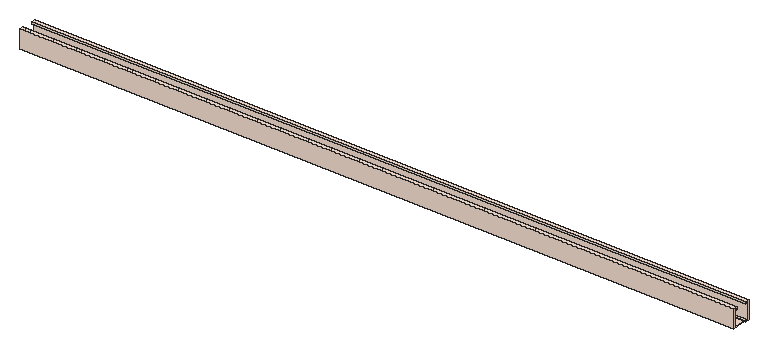
Revit family "25形Sバー(0.8）", category 機械設備, Revit 2020
Family settings
  丸型コネクタ寸法 = 直径を使用
  種別 = なし
  パーツ タイプ = 標準
  作業面ベース = いいえ
  常に垂直 = はい
  ロード時にボイドで切り取り = いいえ
  共有 = いいえ
  部屋計算ポイント = いいえ
Parameters
  製造元 = "株式会社桐井製作所"
  既定の高さ = 0 mm
  URL = "https://www.kirii.co.jp/"
  K_長さ(mm) [instance] = 1000 mm
  K_材質 = "SGCC一般用　SGCC340~570高強度一般用"
  K_断面積A(mm2) = 66.8
  K_断面係数Zy(mm3) = 582.5
  K_断面係数Zx(mm3) = 391.1
  K_断面2次半径iy(mm) = 10.4
  K_断面2次半径ix(mm) = 9.2
  K_断面2次モーメントIy(mm4) = 7282
  K_断面2次モーメントIx(mm4) = 5635
  K_外形寸法(mm) = "25×25×0.8"
  K_品名 = "25形Sバー(0.8)"
  K_名称 = "一般野縁"
  K_単位質量(kg/m) = 0.54
  K_ヤング係数E(N/mm2) = 205000
  K_バージョン情報 = "20210714"
  K_めっき付着量 = "Z12"
  K_JIS規格 = "JIS G 3302"
Reference planes
  plane 1 "中心(正面/背面)": y = 0
  plane 2: z = 0
  plane 3 "中心(左/右)": x = 0
  plane 4: z = 25
  plane 5: y = 12.5
  plane 6: y = -12.5
  plane 7: x = 1000
Forms (mm)
  Extrusion 1, solid
    sketch origin (0, 0, 0) x (0, 1, 0) y (0, 0, 1)
      loop
        line (-7.5, 25) -> (-12.5, 25) -> (-12.5, 0) -> (-7.5, 0) -> (-6.73, 0.77) -> (6.73, 0.77) -> (7.5, 0) -> (12.5, 0) -> (12.5, 25) -> (7.5, 25) -> (7.5, 22) -> (8.3, 22) -> (8.3, 24.2) -> (11.7, 24.2) -> (11.7, 0.8) -> (7.831, 0.8) -> (7.061, 1.57) -> (-7.062, 1.57) -> (-7.832, 0.8) -> (-11.7, 0.8) -> (-11.7, 24.2) -> (-8.3, 24.2) -> (-8.3, 22) -> (-7.5, 22) -> (-7.5, 25)
    from 0 to 1000
Dimensions and locks
  "K_長さ(mm)": plane 7 to plane 3 "中心(左/右)"
  aligned and locked: level to plane 2
Automatic sketch dimensions
  Extrusion 1 sketch curve to level = 0 mm  (x2)
  Extrusion 1 sketch curve to plane 6 = 0 mm
  Extrusion 1 sketch curve to plane 4 = 0 mm  (x2)
  Extrusion 1 sketch curve to plane 5 = 0 mm
  plane 6 to Extrusion 1 sketch curve = 0.8 mm
  Extrusion 1 sketch curve to plane 4 = 0.8 mm  (x2)
  Extrusion 1 sketch curve to Extrusion 1 sketch curve = 3.4 mm
  Extrusion 1 sketch curve to Extrusion 1 sketch curve = 0.8 mm  (x2)
  Extrusion 1 sketch curve to Extrusion 1 sketch curve = 4.199 mm
  Extrusion 1 sketch curve to Extrusion 1 sketch curve = 0.77 mm  (x4)
  level to Extrusion 1 sketch curve = 0.77 mm
  Extrusion 1 sketch curve to plane 5 = 5.77 mm
  Extrusion 1 sketch curve to plane 5 = 5 mm
  Extrusion 1 sketch curve to Extrusion 1 sketch curve = 3 mm
  Extrusion 1 sketch curve to Extrusion 1 sketch curve = 2.2 mm
  level to Extrusion 1 sketch curve = 0.8 mm  (x2)
  Extrusion 1 sketch curve to Extrusion 1 sketch curve = 0.331 mm  (x2)
  level to Extrusion 1 sketch curve = 1.57 mm
  Extrusion 1 sketch curve to plane 5 = 0.8 mm
